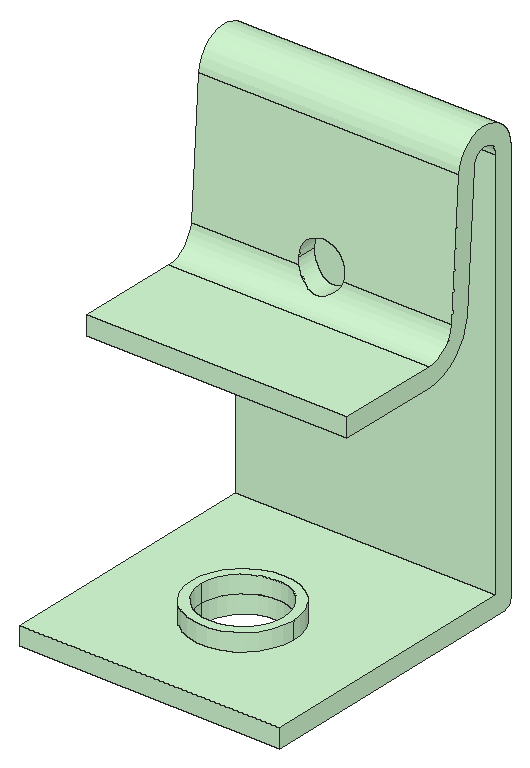
Revit family "lghook", category 機械設備, Revit 2022
Family settings
  丸型コネクタ寸法 = 直径を使用
  種別 = なし
  パーツ タイプ = 標準
  作業面ベース = いいえ
  常に垂直 = はい
  ロード時にボイドで切り取り = いいえ
  注釈の向きを維持 = いいえ
  共有 = いいえ
  部屋計算ポイント = いいえ
Parameters
  製造元 = "株式会社桐井製作所"
  既定の高さ = 0 mm
  URL = "https://www.kirii.co.jp/"
  K_許容荷重(N) = 960
  K_品名 = "LGフック"
  K_名称 = "吊元金具"
  K_入数 = "400"
  K_バージョン情報 = "20211012"
Reference planes
  plane 1 "中心(正面/背面)": y = 0
  plane 2: z = 0
  plane 3 "中心(左/右)": x = 0
Forms (mm)
  Extrusion 1, void
    sketch origin (0, -2.792, 0) x (1, 0, 0) y (0, 1, 0)
      loop
        circle (0, -15.76) r 4.5
    from 0 to 2
  Extrusion 2, solid
    sketch origin (0, 0, 0.091) x (0, 1, 0) y (0, 0, 1)
      loop
        line (-10.96, 27.854) -> (-22, 27.854) -> (-22, 25.854) -> (-10.96, 25.854)
        arc (-10.96, 25.854) -> (-7.55, 27.198) -> (-5.972, 30.506) r 5
        line (-5.972, 30.506) -> (-4.996, 44.459)
        arc (-4.996, 44.459) -> (-3.448, 45.853) -> (-2, 44.354) r 1.5
        line (-2, 44.354) -> (-2, 1.909) -> (-31.052, 1.909) -> (-31.052, -0.091) -> (-1.052, -0.091)
        arc (-1.052, -0.091) -> (-0.312, 0.183) -> (0, 0.908) r 1
        line (0, 0.908) -> (0, 44.354)
        arc (0, 44.354) -> (-3.378, 47.852) -> (-6.991, 44.598) r 3.5
        line (-6.991, 44.598) -> (-7.967, 30.645)
        arc (-7.967, 30.645) -> (-8.914, 28.66) -> (-10.96, 27.854) r 3
    from -14 to 14
  Extrusion 3, solid
    sketch origin (0, 3.448, 2) x (1, 0, 0) y (0, 1, 0)
      loop
        circle (0, -22) r 5.5
      loop
        circle (0, -22) r 4.5
    from 0 to 1.854
  Extrusion 4, void
    sketch origin (0, 0, 0) x (1, 0, 0) y (0, 0, 1)
      loop
        circle (0, 31.445) r 2.5
    from 0 to 8.818
Cuts and joins
  Extrusion 1, Extrusion 4 cuts Extrusion 2
  Extrusion 4 cuts Extrusion 3
  joined: Extrusion 2, Extrusion 3
Dimensions and locks
  aligned and locked: level to plane 2
